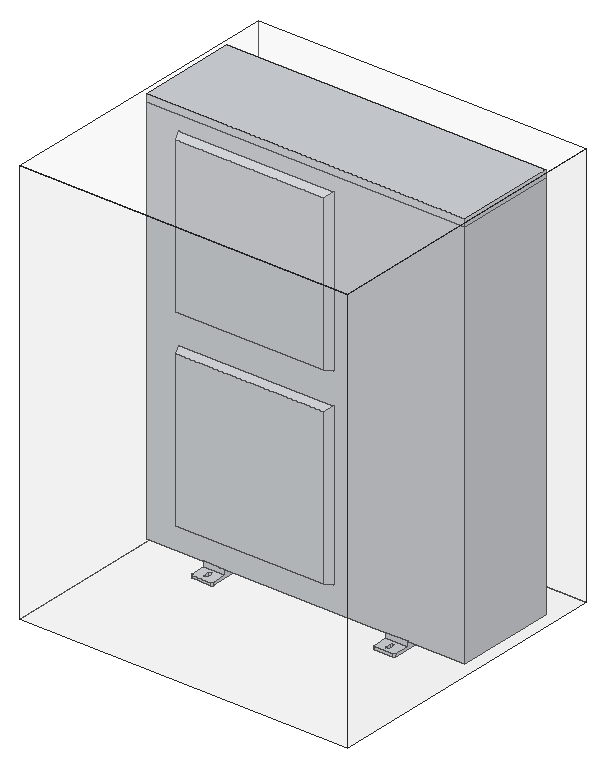
Revit family "puz-dhrmp80_140ka2_60hz", category 機械設備, Revit 2019 (continued)
Definition of nested family "PUZ-ZRMP-3"
  Dimensions and locks
    aligned and locked: plane 57 to Extrusion 5 sketch curve
    aligned and locked: plane 53 to Extrusion 5 sketch curve
    aligned and locked: plane 58 to Extrusion 6 sketch curve
    aligned and locked: plane 56 to Extrusion 6 sketch curve
    aligned and locked: plane 61 to Extrusion 7 sketch curve
    aligned and locked: plane 54 to Extrusion 7 sketch curve
    aligned and locked: plane 55 to Extrusion 7
    aligned and locked: Extrusion 7 to plane 62
    aligned and locked: plane 64 to Extrusion 6
    aligned and locked: plane 63 to Extrusion 5
    aligned and locked: Extrusion 6 to plane 60
    aligned and locked: Extrusion 5 to plane 59
    aligned and locked: plane 66 to Extrusion 8 sketch curve
    aligned and locked: plane 65 to Extrusion 8 sketch curve
    aligned and locked: Extrusion 8 to plane 60
    aligned and locked: plane 64 to Extrusion 8
    aligned and locked: Blend 9 sketch curve to plane 71
    aligned and locked: Blend 9 sketch curve to plane 72
    aligned and locked: Blend 9 sketch curve to plane 42
    aligned and locked: Blend 9 sketch curve to plane 41
    aligned and locked: plane 45 to Blend 9 sketch curve
    aligned and locked: Blend 9 sketch curve to plane 46
    aligned and locked: Blend 9 sketch curve to plane 73
    aligned and locked: plane 74 to Blend 9 sketch curve
    aligned and locked: Blend 9 to plane 8
    aligned and locked: plane 38 to Blend 9
    aligned and locked: plane 22 to Extrusion 10 sketch curve
    aligned and locked: plane 21 to Extrusion 10 sketch curve
    aligned and locked: Extrusion 10 sketch curve to Extrusion 1  (x4)
    aligned and locked: Extrusion 10 sketch curve to plane 23
    aligned and locked: Extrusion 10 sketch curve to plane 20
    aligned and locked: plane 24 to Extrusion 10
    aligned and locked: Extrusion 10 to level
    aligned and locked: plane 25 to Extrusion 11
    aligned and locked: Extrusion 11 to plane 26
    aligned and locked: Masking region 1 sketch curve to Extrusion 3  (x4)
    aligned and locked: Masking region 1 sketch curve to cut or joined group of Extrusion 1, Extrusion 10  (x8)
    aligned and locked: Masking region 1 sketch curve to Blend 9  (x3)
    aligned and locked: plane 51 to Extrusion 11 sketch curve
    aligned and locked: plane 52 to Extrusion 11 sketch curve
    aligned and locked: plane 76 to Extrusion 11 sketch curve
    aligned and locked: plane 77 to Extrusion 11 sketch curve
    aligned and locked: plane 78 to Extrusion 11 sketch curve
    aligned and locked: plane 79 to Extrusion 11 sketch curve
    aligned and locked: plane 75 to Extrusion 11 sketch curve  (x4)
  Automatic sketch dimensions
    plane 7 to Extrusion 1 sketch curve = 0 mm  (x2)
    Extrusion 1 sketch curve to plane 18 = 0 mm
    plane 8 to Extrusion 1 sketch curve = 0 mm  (x2)
    Extrusion 1 sketch curve to plane 19 = 0 mm
    Extrusion 1 sketch curve to plane 20 = 0 mm
    Extrusion 1 sketch curve to plane 21 = 0 mm
    curve 187 to curve 188 = 40 mm
    curve 186 to curve 190 = 13.333 mm
    curve 190 to curve 190 = 40 mm
    curve 186 to curve 193 = 0 mm
    curve 186 to curve 188 = 40 mm
    curve 188 to curve 191 = 0 mm
    curve 179 to curve 180 = 40 mm
    curve 178 to curve 182 = 120 mm
    curve 182 to curve 182 = 40 mm
    curve 178 to curve 185 = 0 mm
    curve 178 to curve 180 = 40 mm
    curve 182 to curve 183 = 40 mm
    curve 25 to plane 45 = 0 mm
    curve 24 to plane 45 = 0 mm
    curve 22 to plane 45 = 0 mm
    curve 23 to plane 45 = 0 mm
    curve 26 to plane 45 = 0 mm
    curve 21 to plane 45 = 0 mm
    curve 24 to plane 46 = 0 mm
    curve 25 to plane 46 = 0 mm
    curve 26 to plane 46 = 0 mm
    curve 23 to plane 46 = 0 mm
    curve 22 to plane 46 = 0 mm
    curve 21 to plane 46 = 0 mm
    curve 37 to plane 48 = 0 mm
    curve 52 to plane 48 = 0 mm
    curve 51 to plane 48 = 0 mm
    curve 50 to plane 48 = 0 mm
    curve 49 to plane 48 = 0 mm
    curve 48 to plane 48 = 0 mm
    curve 47 to plane 48 = 0 mm
    curve 46 to plane 48 = 0 mm
    curve 45 to plane 48 = 0 mm
    curve 44 to plane 48 = 0 mm
    curve 43 to plane 48 = 0 mm
    curve 42 to plane 48 = 0 mm
    curve 41 to plane 48 = 0 mm
    curve 27 to plane 48 = 0 mm
    curve 28 to plane 48 = 0 mm
    curve 40 to plane 48 = 0 mm
    curve 39 to plane 48 = 0 mm
    curve 29 to plane 48 = 0 mm
    curve 38 to plane 48 = 0 mm
    curve 30 to plane 48 = 0 mm
    curve 53 to plane 48 = 0 mm
    curve 31 to plane 48 = 0 mm
    curve 36 to plane 48 = 0 mm
    curve 32 to plane 48 = 0 mm
    curve 35 to plane 48 = 0 mm
    curve 33 to plane 48 = 0 mm
    curve 34 to plane 48 = 0 mm
    curve 28 to plane 47 = 0 mm
    curve 41 to plane 47 = 0 mm
    curve 27 to plane 47 = 0 mm
    curve 42 to plane 47 = 0 mm
    curve 31 to plane 47 = 0 mm
    curve 40 to plane 47 = 0 mm
    curve 37 to plane 47 = 0 mm
    curve 39 to plane 47 = 0 mm
    curve 32 to plane 47 = 0 mm
    curve 45 to plane 47 = 0 mm
    curve 36 to plane 47 = 0 mm
    curve 46 to plane 47 = 0 mm
    curve 43 to plane 47 = 0 mm
    curve 47 to plane 47 = 0 mm
    curve 29 to plane 47 = 0 mm
    curve 48 to plane 47 = 0 mm
    curve 30 to plane 47 = 0 mm
    curve 49 to plane 47 = 0 mm
    curve 44 to plane 47 = 0 mm
    curve 50 to plane 47 = 0 mm
    curve 33 to plane 47 = 0 mm
    curve 51 to plane 47 = 0 mm
    curve 35 to plane 47 = 0 mm
    curve 52 to plane 47 = 0 mm
    curve 38 to plane 47 = 0 mm
    curve 53 to plane 47 = 0 mm
    curve 34 to plane 47 = 0 mm
    plane 13 to curve 304 = 138 mm
    curve 304 to plane 46 = 0 mm
    curve 307 to plane 45 = 0 mm
    curve 306 to plane 45 = 0 mm
    curve 303 to plane 45 = 0 mm
    curve 308 to plane 45 = 0 mm
    curve 303 to plane 46 = 0 mm
    curve 306 to plane 46 = 0 mm
    curve 307 to plane 46 = 0 mm
    curve 308 to plane 46 = 0 mm
    curve 309 to plane 45 = 0 mm
    curve 309 to plane 46 = 0 mm
    curve 305 to plane 74 = 0 mm
    curve 305 to plane 73 = 0 mm
    curve 310 to plane 74 = 0 mm
    curve 310 to plane 73 = 0 mm
    curve 311 to plane 73 = 0 mm
    curve 311 to plane 74 = 0 mm
    curve 312 to plane 74 = 0 mm
    curve 312 to plane 73 = 0 mm
    curve 313 to plane 74 = 0 mm
    curve 313 to plane 73 = 0 mm
    curve 314 to plane 73 = 0 mm
    curve 314 to plane 74 = 0 mm
    curve 315 to plane 74 = 0 mm
    curve 315 to plane 73 = 0 mm
    curve 316 to plane 73 = 0 mm
    curve 316 to plane 74 = 0 mm
    curve 317 to plane 74 = 0 mm
    curve 317 to plane 73 = 0 mm
    curve 318 to plane 74 = 0 mm
    curve 318 to plane 73 = 0 mm
    curve 319 to plane 74 = 0 mm
    curve 319 to plane 73 = 0 mm
    curve 320 to plane 74 = 0 mm
    curve 320 to plane 73 = 0 mm
    curve 321 to plane 74 = 0 mm
    curve 321 to plane 73 = 0 mm
    curve 322 to plane 73 = 0 mm
    curve 322 to plane 74 = 0 mm
    curve 323 to plane 73 = 0 mm
    curve 323 to plane 74 = 0 mm
    curve 324 to plane 73 = 0 mm
    curve 324 to plane 74 = 0 mm
    curve 325 to plane 74 = 0 mm
    curve 325 to plane 73 = 0 mm
    curve 326 to plane 74 = 0 mm
    curve 326 to plane 73 = 0 mm
    curve 327 to plane 74 = 0 mm
    curve 327 to plane 73 = 0 mm
    curve 328 to plane 74 = 0 mm
    curve 328 to plane 73 = 0 mm
    curve 329 to plane 74 = 0 mm
    curve 329 to plane 73 = 0 mm
    curve 330 to plane 74 = 0 mm
    curve 330 to plane 73 = 0 mm
    curve 331 to plane 74 = 0 mm
    curve 331 to plane 73 = 0 mm
    curve 332 to plane 73 = 0 mm
    curve 332 to plane 74 = 0 mm
    curve 333 to plane 74 = 0 mm
    curve 333 to plane 73 = 0 mm
    curve 334 to plane 73 = 0 mm
    curve 334 to plane 74 = 0 mm
    curve 335 to plane 74 = 0 mm
    curve 335 to plane 73 = 0 mm
    Extrusion 10 sketch curve to plane 18 = 0 mm  (x2)
    plane 8 to Extrusion 10 sketch curve = 0 mm
    plane 23 to Extrusion 10 sketch curve = 0 mm
    plane 22 to Extrusion 10 sketch curve = 0 mm  (x3)
    plane 16 to Extrusion 10 sketch curve = 0 mm  (x3)
    plane 17 to Extrusion 10 sketch curve = 0 mm  (x3)
    Extrusion 10 sketch curve to plane 15 = 0 mm  (x2)
    Extrusion 10 sketch curve to plane 19 = 0 mm  (x2)
    Extrusion 10 sketch curve to plane 14 = 0 mm  (x2)
    plane 7 to Extrusion 10 sketch curve = 0 mm
    Extrusion 10 sketch curve to plane 18 = 5 mm
    plane 15 to Extrusion 10 sketch curve = 6 mm  (x2)
    plane 19 to Extrusion 10 sketch curve = 5 mm
    Extrusion 10 sketch curve to plane 20 = 5 mm
    plane 14 to Extrusion 10 sketch curve = 6 mm  (x2)
    plane 21 to Extrusion 10 sketch curve = 5 mm
    plane 38 to Extrusion 10 sketch curve = 10 mm  (x2)
    plane 19 to Masking region 1 sketch curve = 0 mm
    plane 21 to Masking region 1 sketch curve = 0 mm
    plane 7 to Masking region 1 sketch curve = 0 mm  (x2)
    Masking region 1 sketch curve to plane 20 = 0 mm
    Masking region 1 sketch curve to plane 18 = 0 mm
    plane 8 to Masking region 1 sketch curve = 0 mm  (x2)
    plane 38 to Masking region 1 sketch curve = 0 mm
    curve 352 to plane 6 = 0 mm
    plane 7 to curve 352 = 0 mm
    curve 353 to plane 18 = 0 mm
    curve 348 to plane 18 = 0 mm
    plane 8 to curve 346 = 0 mm
    curve 354 to plane 19 = 0 mm
    curve 347 to plane 19 = 0 mm
    curve 345 to plane 41 = 0 mm
    plane 38 to curve 344 = 0 mm
    curve 344 to plane 46 = 0 mm
    curve 357 to plane 20 = 0 mm
    curve 343 to plane 20 = 0 mm
    curve 358 to plane 21 = 0 mm
    curve 341 to plane 21 = 0 mm
    curve 339 to plane 45 = 0 mm
    curve 339 to plane 42 = 0 mm
    curve 337 to plane 5 = 0 mm
    plane 22 to curve 354 = 0 mm
    plane 22 to curve 358 = 0 mm
    plane 23 to curve 342 = 0 mm
    plane 23 to curve 347 = 0 mm
    curve 11 to plane 65 = 6 mm
    plane 18 to curve 352 = 28.157 mm
    plane 15 to curve 346 = 0.043 mm
    plane 21 to curve 338 = 11.963 mm
    curve 336 to plane 21 = 9.073 mm
    curve 344 to plane 21 = 22.105 mm
    plane 28 to curve 3 = 5 mm
    curve 3 to plane 45 = 38 mm
    curve 1 to plane 45 = 38 mm
    curve 3 to curve 5 = 0 mm
    curve 4 to plane 29 = 5 mm
    curve 372 to plane 65 = 6 mm
    plane 65 to curve 376 = 9 mm
    curve 12 to plane 65 = 6 mm
    curve 20 to plane 53 = 4 mm
    curve 2 to curve 16 = 15 mm
    plane 51 to curve 15 = 5 mm
Definition of nested family "固定点"
  Parameters (values of type "固定点")
    中心円 = if(W > 599 mm, 12 mm, 10 mm)  # 12 mm
    W = 1000 mm
    D = 1000 mm
  Reference planes
    plane 1 "中心(正面/背面)": y = 0
    plane 2: z = 0
    plane 3 "中心(左/右)": x = 0
    plane 4: x = 1000
    plane 5: y = 1000
  Lines and regions (mm)
    symbolic lines, detail levels fine
      curve 1: circle (0, 1000, 0) r 6 normal (0, 0, 1)
      curve 2: circle (0, 0, 0) r 6 normal (0, 0, 1)
      curve 3: circle (1000, 1000, 0) r 6 normal (0, 0, 1)
      curve 4: circle (1000, 0, 0) r 6 normal (0, 0, 1)
      curve 5: line (-200, 1000, 0) -> (1200, 1000, 0)
      curve 6: line (-200, 0, 0) -> (1200, 0, 0)
      curve 7: line (0, 1200, 0) -> (0, -200, 0)
      curve 8: line (1000, 1200, 0) -> (1000, -200, 0)
  Dimensions and locks
    "W": plane 3 "中心(左/右)" to plane 4
    "D": plane 1 "中心(正面/背面)" to plane 5
    "中心円": diameter of curve 1
    "中心円": diameter of curve 2
    "中心円": diameter of curve 3
    "中心円": diameter of curve 4
    aligned and locked: level to plane 2
    aligned and locked: plane 5 to curve 1
    aligned and locked: plane 3 "中心(左/右)" to curve 1
    aligned and locked: plane 3 "中心(左/右)" to curve 2
    aligned and locked: plane 1 "中心(正面/背面)" to curve 2
    aligned and locked: plane 4 to curve 3
    aligned and locked: plane 5 to curve 3
    aligned and locked: plane 1 "中心(正面/背面)" to curve 4
    aligned and locked: plane 4 to curve 4
    aligned and locked: plane 1 "中心(正面/背面)" to curve 6
    aligned and locked: curve 7 to plane 3 "中心(左/右)"
    aligned and locked: curve 8 to plane 4
  Automatic sketch dimensions
    curve 5 to plane 5 = 0 mm
    curve 6 to plane 3 "中心(左/右)" = 200 mm
    curve 5 to plane 3 "中心(左/右)" = 200 mm
    curve 4 to curve 6 = 200 mm
    curve 3 to curve 5 = 200 mm
    plane 1 "中心(正面/背面)" to curve 8 = 200 mm
    plane 1 "中心(正面/背面)" to curve 7 = 200 mm
    curve 3 to curve 8 = 200 mm
    curve 1 to curve 7 = 200 mm
Types (3, lengths in mm): name | 音響パワーレベル（冷）(dB) | 音響パワーレベル(dB) | 電動機出力_圧縮機 | 消費電力_暖房 | 消費電力_冷房 | 消費電力 | 構成品番 | 暖房能力 | 推奨ブレーカー容量 | 冷房能力
  室外機_PUZ-DHRMP80KA2 (-BS,BSG) | 66 | 68 | 1.5 kW | 1.92 kW | 1.77 kW | 1.92 kW | "PUZ-DHRMP80KA2 (-BS,-BSG)" | 8 kW | 30 A | 7.1 kW
  室外機_PUZ-DHRMP112KA2 (-BS,BSG) | 66 | 69 | 2.1 kW | 2.69 kW | 2.5 kW | 2.69 kW | "PUZ-DHRMP112KA2 (-BS,-BSG)" | 11.2 kW | 30 A | 10 kW
  室外機_PUZ-DHRMP140KA2 (-BS,BSG) | 68 | 69 | 2.7 kW | 3.82 kW | 3.69 kW | 3.82 kW | "PUZ-DHRMP140KA2 (-BS,-BSG)" | 14 kW | 40 A | 12.5 kW
